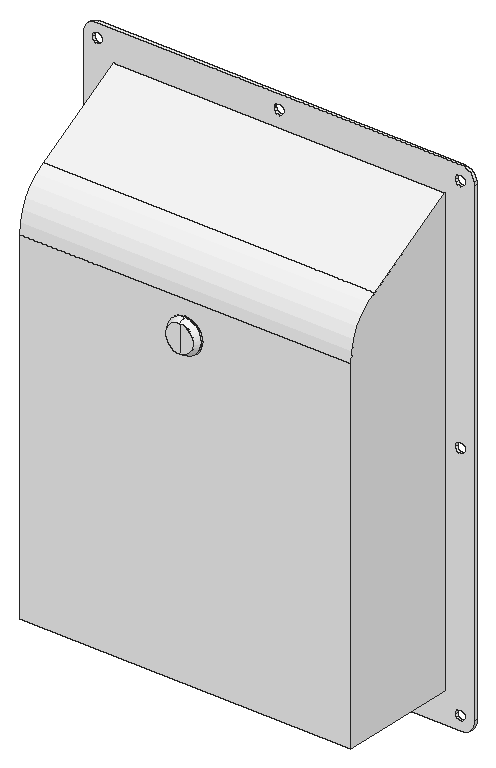
Revit family "KingswayGroup_PprTwlDspnsrs_Anti-LigaturePaperTowelDispenser", category Specialty Equipment, Revit 2020
Family settings
  Round Connector Dimension = Use Diameter
  Part Type = Normal
  Work Plane-Based = No
  Always vertical = Yes
  Cut with Voids When Loaded = No
  Shared = No
  Room Calculation Point = No
Parameters
  WarrantyStartDate [instance] = "1900-12-31T23:59:59"
  WarrantyGuarantorParts = "sales@kingswaygroup.co.uk"
  WarrantyGuarantorLabor = "n/a"
  WarrantyDurationUnit = "year"
  WarrantyDurationParts = "5"
  WarrantyDurationLabor = "n/a"
  WarrantyDescription = "5-Year Guarantee *For faulty manufacture and not for damage"
  Version = "1"
  Uniclass2015Version = "Products v1.36"
  Uniclass2015Title = "Paper towel dispensers"
  Uniclass2015Code = "Pr_40_70_22_62"
  URL = "https://kingswaygroupglobal.com/"
  TagNumber [instance] = "n/a"
  SustainabilityPerformance = "n/a"
  Size = "343 x 445 x 111 mm"
  Shape = "n/a"
  SerialNumber [instance] = "n/a"
  Revision = "n/a"
  ReplacementCost = "n/a"
  ProductInformation = "https://kingswaygroupglobal.com/product/anti-ligature-paper-towel-dispenser?noredirect=true"
  NominalWidth = 111 mm  # constant formula
  NominalLength = 343 mm  # constant formula
  NominalHeight = 445 mm  # constant formula
  Name = "PaperTowelDispensers_Anti-LigaturePaperTowelDispenser_KG02_KingswayGroup"
  ModelReference = "Anti-Ligature Paper Towel Dispenser"
  ModelNumber = "KG02"
  Model = ModelNumber  # "KG02"
  DispenserMaterial = NBS_Concept
  Material = "Stainless Steel"
  ManufacturerURL = "https://kingswaygroupglobal.com/"
  ManufacturerName = "Kingsway Group"  # constant formula
  Manufacturer = ManufacturerName  # "Kingsway Group"
  InstallationDate [instance] = "1900-12-31T23:59:59"
  IfcExportType = "n/a"  # constant formula
  IfcExportAs = "n/a"  # constant formula
  Grade = "316"
  Finish = "For full range of available finishes and colours, contact Kingsway Group"
  Features = "A highly durable, Anti-Ligature Paper Towel Dispenser designed to improve patient safety in mental health facilities and challenging environments. The KG02 Anti-Ligature Paper Towel Dispenser is built to provide a safe and effective means of dispensing paper towels in environments where safety is of the utmost importance."
  ExpectedLife = "n/a"
  DurationUnit = "year"
  Description = "Paper Towel Dispensers"
  Default Elevation = 0 mm
  Constituents = "n/a"
  Color = "For full range of available finishes and colours, contact Kingsway Group"
  CodePerformance = "n/a"
  Category = "Pr_40_70_22_62:Paper towel dispensers"
  BarCode [instance] = "n/a"
  BIMObjectName = "KingswayGroup_PaperTowelDispensers_Anti-LigaturePaperTowelDispenser"
  Author = "Kingsway Group"  # constant formula
  AssetType = "Fixed"
  AssetIdentifier [instance] = "n/a"
  AccessibilityPerformance = "n/a"
Reference planes
  plane 1 "Center (Front/Back)": y = 0
  plane 2: z = 0
  plane 3 "Center (Left/Right)": x = 0
Forms (mm)
  Extrusion 1, solid, material "NBS_Concept" <- "DispenserMaterial"
    sketch origin (0, 0, 0) x (1, 0, 0) y (0, 0, 1)
      loop
        arc (-171.5, 12.691) -> (-167.783, 3.717) -> (-158.809, 0) r 12.691
        line (-158.809, 0) -> (158.809, 0)
        arc (158.809, 0) -> (167.783, 3.717) -> (171.5, 12.691) r 12.691
        line (171.5, 12.691) -> (171.5, 432.306)
        arc (171.5, 432.306) -> (167.782, 441.282) -> (158.806, 445) r 12.694
        line (158.806, 445) -> (-158.806, 445)
        arc (-158.806, 445) -> (-167.782, 441.282) -> (-171.5, 432.306) r 12.694
        line (-171.5, 432.306) -> (-171.5, 12.691)
      loop
        circle (-159, 432.5) r 4.5
      loop
        circle (-159, 12.5) r 4.5
      loop
        circle (-159, 222.5) r 4.5
      loop
        circle (159, 432.5) r 4.5
      loop
        circle (159, 12.5) r 4.5
      loop
        circle (159, 222.5) r 4.5
      loop
        circle (-0.191, 12.5) r 4.5
      loop
        circle (0.194, 432.5) r 4.5
    from 0 to 2
  Extrusion 2, solid, material "NBS_Concept" <- "DispenserMaterial"
    sketch origin (-145, 0, 0) x (0, 1, 0) y (0, 0, 1)
      loop
        arc (-79.064, 373.49) -> (-98.05, 354.503) -> (-105, 328.567) r 51.873
        line (-105, 328.567) -> (-105, 26.982) -> (-2, 26.982) -> (-2, 417.982) -> (-79.064, 373.49)
    from 0 to 290
  Revolve 3, solid, material "NBS_Concept" <- "DispenserMaterial"
    sketch origin (0, 2.435, 251.25) x (0, 1, 0) y (0, 0, 1)
      loop
        line (-107.435, 64.103) -> (-108.329, 64.103) -> (-113.435, 61.035) -> (-113.435, 49.103) -> (-107.435, 49.103) -> (-107.435, 64.103)
      axis (-107.435, 49.103) -> (-113.435, 49.103)
    angle from 0 to 360
Lines and regions (mm)
  model lines, not visible
    curve 1: arc (16.215, -108.048, 265.753) -> (17.404, -108.048, 265.533) -> (18.352, -108.048, 266.283) r 1.463
    curve 2: arc (18.352, -108.048, 267.697) -> (17.346, -108.048, 268.4) -> (16.15, -108.048, 268.123) r 1.51
    curve 3: arc (16.15, -108.048, 268.123) -> (15.626, -108.048, 266.923) -> (16.215, -108.048, 265.753) r 1.54
    curve 4: arc (15.178, -108.048, 266.958) -> (15.376, -108.048, 266.079) -> (15.958, -108.048, 265.391) r 1.894
    curve 5: arc (17.05, -108.048, 265.046) -> (17.782, -108.048, 265.2) -> (18.368, -108.048, 265.664) r 1.629
    curve 6: arc (6.967, -108.048, 268.87) -> (6.12, -108.048, 268.597) -> (5.722, -108.048, 267.802) r 1.15
    curve 7: arc (7.023, -108.048, 265.046) -> (7.896, -108.048, 265.321) -> (8.293, -108.048, 266.146) r 1.152
    curve 8: arc (6.991, -108.048, 265.48) -> (7.544, -108.048, 265.629) -> (7.835, -108.048, 266.122) r 0.759
    curve 9: arc (10.197, -108.048, 260.701) -> (9.002, -108.048, 260.977) -> (7.995, -108.048, 260.275) r 1.511
    curve 10: arc (7.995, -108.048, 258.861) -> (8.944, -108.048, 258.112) -> (10.133, -108.048, 258.331) r 1.464
    curve 11: arc (10.133, -108.048, 258.331) -> (10.722, -108.048, 259.501) -> (10.197, -108.048, 260.701) r 1.54
    curve 12: arc (11.169, -108.048, 259.536) -> (10.994, -108.048, 260.363) -> (10.486, -108.048, 261.039) r 1.96
    curve 13: arc (10.39, -108.048, 257.969) -> (10.974, -108.048, 258.656) -> (11.169, -108.048, 259.536) r 1.873
    curve 14: arc (7.995, -108.048, 258.226) -> (8.575, -108.048, 257.772) -> (9.297, -108.048, 257.624) r 1.607
    curve 15: arc (3.36, -108.048, 259.488) -> (3.387, -108.048, 258.997) -> (3.568, -108.048, 258.54) r 1.527
    curve 16: arc (3.568, -108.048, 258.54) -> (3.969, -108.048, 258.182) -> (4.493, -108.048, 258.058) r 1.095
    curve 17: arc (4.493, -108.048, 258.058) -> (5.207, -108.048, 258.273) -> (5.714, -108.048, 258.821) r 1.419
    curve 18: arc (4.493, -108.048, 257.624) -> (5.176, -108.048, 257.774) -> (5.73, -108.048, 258.202) r 1.594
    curve 19: arc (3.119, -108.048, 258.379) -> (3.702, -108.048, 257.812) -> (4.493, -108.048, 257.624) r 1.533
    curve 20: arc (0.049, -108.048, 258.058) -> (1.499, -108.048, 259.536) -> (0.049, -108.048, 261.014) r 1.479
    curve 21: arc (0.049, -108.048, 261.014) -> (-1.4, -108.048, 259.536) -> (0.049, -108.048, 258.058) r 1.479
    curve 22: arc (0.049, -108.048, 261.449) -> (-1.855, -108.048, 259.536) -> (0.049, -108.048, 257.624) r 1.912
    curve 23: arc (0.049, -108.048, 257.624) -> (1.954, -108.048, 259.536) -> (0.049, -108.048, 261.449) r 1.912
    curve 24: arc (-2.594, -108.048, 261.449) -> (-3.241, -108.048, 261.309) -> (-3.751, -108.048, 260.886) r 1.392
    curve 25: arc (-2.602, -108.048, 261.014) -> (-3.299, -108.048, 260.782) -> (-3.751, -108.048, 260.203) r 1.269
    curve 26: arc (-4.948, -108.048, 270.469) -> (-5.352, -108.048, 270.064) -> (-4.948, -108.048, 269.658) r 0.406
    curve 27: arc (-4.948, -108.048, 269.658) -> (-4.539, -108.048, 270.064) -> (-4.948, -108.048, 270.469) r 0.406
    curve 28: arc (-1.622, -108.048, 268.437) -> (-2.36, -108.048, 268.227) -> (-2.892, -108.048, 267.673) r 1.465
    curve 29: arc (-0.666, -108.048, 267.946) -> (-1.082, -108.048, 268.311) -> (-1.622, -108.048, 268.437) r 1.142
    curve 30: arc (-0.457, -108.048, 267.046) -> (-0.485, -108.048, 267.514) -> (-0.666, -108.048, 267.946) r 1.41
    curve 31: arc (0.001, -108.048, 267.078) -> (-0.055, -108.048, 267.692) -> (-0.312, -108.048, 268.252) r 1.835
    curve 32: arc (-0.312, -108.048, 268.252) -> (-0.888, -108.048, 268.719) -> (-1.614, -108.048, 268.87) r 1.574
    curve 33: arc (0.965, -108.048, 266.958) -> (1.163, -108.048, 266.079) -> (1.745, -108.048, 265.391) r 1.894
    curve 34: arc (2.838, -108.048, 265.046) -> (3.558, -108.048, 265.196) -> (4.139, -108.048, 265.648) r 1.629
    curve 35: arc (2.813, -108.048, 263.551) -> (3.495, -108.048, 263.693) -> (3.995, -108.048, 264.178) r 1.246
    curve 36: arc (1.503, -108.048, 264.258) -> (2.064, -108.048, 263.73) -> (2.813, -108.048, 263.551) r 1.499
    curve 37: arc (1.142, -108.048, 263.993) -> (1.861, -108.048, 263.341) -> (2.805, -108.048, 263.117) r 1.95
    curve 38: arc (2.805, -108.048, 263.117) -> (3.723, -108.048, 263.308) -> (4.396, -108.048, 263.961) r 1.681
    curve 39: arc (-9.994, -108.048, 260.516) -> (-9.32, -108.048, 258.79) -> (-7.608, -108.048, 258.082) r 2.361
    curve 40: arc (-7.656, -108.048, 262.951) -> (-9.341, -108.048, 262.229) -> (-9.994, -108.048, 260.516) r 2.35
    curve 41: arc (-7.656, -108.048, 263.409) -> (-9.678, -108.048, 262.56) -> (-10.476, -108.048, 260.516) r 2.813
    curve 42: arc (-10.476, -108.048, 260.516) -> (-9.652, -108.048, 258.448) -> (-7.584, -108.048, 257.624) r 2.817
    curve 43: arc (-7.584, -108.048, 257.624) -> (-6.381, -108.048, 257.901) -> (-5.414, -108.048, 258.668) r 2.799
    curve 44: arc (2.002, -108.048, 265.753) -> (3.191, -108.048, 265.533) -> (4.139, -108.048, 266.283) r 1.464
    curve 45: arc (4.139, -108.048, 267.697) -> (3.133, -108.048, 268.402) -> (1.938, -108.048, 268.123) r 1.505
    curve 46: arc (1.938, -108.048, 268.123) -> (1.413, -108.048, 266.923) -> (2.002, -108.048, 265.753) r 1.54
    curve 47: line (-21.343, -108.048, 258.387) -> (-25.268, -108.048, 258.387)
    curve 48: line (-25.268, -108.048, 258.387) -> (-25.268, -108.048, 257.781)
    curve 49: line (-25.268, -108.048, 257.781) -> (-21.343, -108.048, 257.781)
    curve 50: line (-21.343, -108.048, 257.781) -> (-21.343, -108.048, 258.387)
    curve 51: line (-18.274, -108.048, 257.76) -> (-20.415, -108.048, 260.48)
    curve 52: line (-20.415, -108.048, 260.48) -> (-25.268, -108.048, 260.48)
    curve 53: line (-25.268, -108.048, 260.48) -> (-25.268, -108.048, 259.875)
    curve 54: line (-25.268, -108.048, 259.875) -> (-20.709, -108.048, 259.875)
    curve 55: line (-20.709, -108.048, 259.875) -> (-19.045, -108.048, 257.76)
    curve 56: line (-19.045, -108.048, 257.76) -> (-18.274, -108.048, 257.76)
    curve 57: line (-21.343, -108.048, 270.94) -> (-25.268, -108.048, 270.94)
    curve 58: line (-25.268, -108.048, 270.94) -> (-25.268, -108.048, 270.334)
    curve 59: line (-25.268, -108.048, 270.334) -> (-21.343, -108.048, 270.334)
    curve 60: line (-21.343, -108.048, 270.334) -> (-21.343, -108.048, 270.94)
    curve 61: line (-25.268, -108.048, 266.752) -> (-25.268, -108.048, 266.147)
    curve 62: line (-25.268, -108.048, 266.147) -> (-19.332, -108.048, 266.147)
    curve 63: line (-19.332, -108.048, 266.147) -> (-15.543, -108.048, 270.96)
    curve 64: line (-15.543, -108.048, 270.96) -> (-16.314, -108.048, 270.96)
    curve 65: line (-16.314, -108.048, 270.96) -> (-19.626, -108.048, 266.752)
    curve 66: line (-19.626, -108.048, 266.752) -> (-25.268, -108.048, 266.752)
    curve 67: line (-25.268, -108.048, 262.574) -> (-25.268, -108.048, 261.968)
    curve 68: line (-25.268, -108.048, 261.968) -> (-19.626, -108.048, 261.968)
    curve 69: line (-19.626, -108.048, 261.968) -> (-16.314, -108.048, 257.76)
    curve 70: line (-16.314, -108.048, 257.76) -> (-15.543, -108.048, 257.76)
    curve 71: line (-15.543, -108.048, 257.76) -> (-19.332, -108.048, 262.574)
    curve 72: line (-19.332, -108.048, 262.574) -> (-25.268, -108.048, 262.574)
    curve 73: line (-25.268, -108.048, 268.846) -> (-25.268, -108.048, 268.24)
    curve 74: line (-25.268, -108.048, 268.24) -> (-20.415, -108.048, 268.24)
    curve 75: line (-20.415, -108.048, 268.24) -> (-18.274, -108.048, 270.96)
    curve 76: line (-18.274, -108.048, 270.96) -> (-19.045, -108.048, 270.96)
    curve 77: line (-19.045, -108.048, 270.96) -> (-20.709, -108.048, 268.846)
    curve 78: line (-20.709, -108.048, 268.846) -> (-25.268, -108.048, 268.846)
    curve 79: line (18.352, -108.048, 266.283) -> (18.352, -108.048, 267.697)
    curve 80: line (18.368, -108.048, 265.664) -> (18.368, -108.048, 265.126)
    curve 81: line (18.368, -108.048, 265.126) -> (18.81, -108.048, 265.126)
    curve 82: line (18.81, -108.048, 265.126) -> (18.81, -108.048, 268.79)
    curve 83: line (18.81, -108.048, 268.79) -> (18.368, -108.048, 268.79)
    curve 84: line (18.368, -108.048, 268.79) -> (18.368, -108.048, 268.284)
    curve 85: line (18.368, -108.048, 268.284) -> (17.69, -108.048, 268.75)
    curve 86: line (17.69, -108.048, 268.75) -> (17.026, -108.048, 268.87)
    curve 87: line (17.026, -108.048, 268.87) -> (16.322, -108.048, 268.732)
    curve 88: line (16.322, -108.048, 268.732) -> (15.861, -108.048, 268.46)
    curve 89: line (15.861, -108.048, 268.46) -> (15.323, -108.048, 267.712)
    curve 90: line (15.323, -108.048, 267.712) -> (15.178, -108.048, 266.958)
    curve 91: line (15.958, -108.048, 265.391) -> (16.576, -108.048, 265.104)
    curve 92: line (16.576, -108.048, 265.104) -> (17.05, -108.048, 265.046)
    curve 93: line (10.566, -108.048, 265.126) -> (11.756, -108.048, 268.043)
    curve 94: line (11.756, -108.048, 268.043) -> (12.945, -108.048, 265.126)
    curve 95: line (12.945, -108.048, 265.126) -> (13.242, -108.048, 265.126)
    curve 96: line (13.242, -108.048, 265.126) -> (14.656, -108.048, 268.79)
    curve 97: line (14.656, -108.048, 268.79) -> (14.182, -108.048, 268.79)
    curve 98: line (14.182, -108.048, 268.79) -> (13.074, -108.048, 265.913)
    curve 99: line (13.074, -108.048, 265.913) -> (11.9, -108.048, 268.79)
    curve 100: line (11.9, -108.048, 268.79) -> (11.611, -108.048, 268.79)
    curve 101: line (11.611, -108.048, 268.79) -> (10.438, -108.048, 265.913)
    curve 102: line (10.438, -108.048, 265.913) -> (9.329, -108.048, 268.79)
    curve 103: line (9.329, -108.048, 268.79) -> (8.855, -108.048, 268.79)
    curve 104: line (8.855, -108.048, 268.79) -> (10.269, -108.048, 265.126)
    curve 105: line (10.269, -108.048, 265.126) -> (10.566, -108.048, 265.126)
    curve 106: line (5.722, -108.048, 267.802) -> (5.763, -108.048, 267.523)
    curve 107: line (5.763, -108.048, 267.523) -> (5.878, -108.048, 267.307)
    curve 108: line (5.878, -108.048, 267.307) -> (6.052, -108.048, 267.143)
    curve 109: line (6.052, -108.048, 267.143) -> (6.778, -108.048, 266.845)
    curve 110: line (6.778, -108.048, 266.845) -> (7.505, -108.048, 266.605)
    curve 111: line (7.505, -108.048, 266.605) -> (7.744, -108.048, 266.413)
    curve 112: line (7.811, -108.048, 266.282) -> (7.835, -108.048, 266.122)
    curve 113: line (8.293, -108.048, 266.146) -> (8.251, -108.048, 266.434)
    curve 114: line (8.251, -108.048, 266.434) -> (8.136, -108.048, 266.66)
    curve 115: line (8.136, -108.048, 266.66) -> (7.963, -108.048, 266.834)
    curve 116: line (7.963, -108.048, 266.834) -> (7.236, -108.048, 267.156)
    curve 117: line (7.236, -108.048, 267.156) -> (6.51, -108.048, 267.388)
    curve 118: line (6.51, -108.048, 267.388) -> (6.27, -108.048, 267.558)
    curve 119: line (6.179, -108.048, 267.81) -> (6.221, -108.048, 268.025)
    curve 120: line (6.221, -108.048, 268.025) -> (6.333, -108.048, 268.194)
    curve 121: line (6.333, -108.048, 268.194) -> (6.498, -108.048, 268.318)
    curve 122: line (6.498, -108.048, 268.318) -> (6.991, -108.048, 268.437)
    curve 123: line (6.991, -108.048, 268.437) -> (7.524, -108.048, 268.344)
    curve 124: line (7.524, -108.048, 268.344) -> (7.907, -108.048, 268.139)
    curve 125: line (7.907, -108.048, 268.139) -> (8.148, -108.048, 268.517)
    curve 126: line (8.148, -108.048, 268.517) -> (7.569, -108.048, 268.785)
    curve 127: line (7.569, -108.048, 268.785) -> (6.967, -108.048, 268.87)
    curve 128: line (6.991, -108.048, 265.48) -> (6.334, -108.048, 265.63)
    curve 129: line (6.334, -108.048, 265.63) -> (5.882, -108.048, 265.921)
    curve 130: line (5.882, -108.048, 265.921) -> (5.601, -108.048, 265.568)
    curve 131: line (5.601, -108.048, 265.568) -> (6.291, -108.048, 265.163)
    curve 132: line (6.291, -108.048, 265.163) -> (7.023, -108.048, 265.046)
    curve 133: line (-6.659, -108.048, 265.126) -> (-6.017, -108.048, 265.126)
    curve 134: line (-6.017, -108.048, 265.126) -> (-9.038, -108.048, 268.091)
    curve 135: line (-9.038, -108.048, 268.091) -> (-6.258, -108.048, 270.751)
    curve 136: line (-6.258, -108.048, 270.751) -> (-6.9, -108.048, 270.751)
    curve 137: line (-6.9, -108.048, 270.751) -> (-9.552, -108.048, 268.228)
    curve 138: line (-9.552, -108.048, 268.228) -> (-9.552, -108.048, 270.751)
    curve 139: line (-9.552, -108.048, 270.751) -> (-10.034, -108.048, 270.751)
    curve 140: line (-10.034, -108.048, 270.751) -> (-10.034, -108.048, 265.126)
    curve 141: line (-10.034, -108.048, 265.126) -> (-9.552, -108.048, 265.126)
    curve 142: line (-9.552, -108.048, 265.126) -> (-9.552, -108.048, 267.97)
    curve 143: line (-9.552, -108.048, 267.97) -> (-6.659, -108.048, 265.126)
    curve 144: line (7.995, -108.048, 260.275) -> (7.995, -108.048, 258.861)
    curve 145: line (9.297, -108.048, 257.624) -> (9.904, -108.048, 257.721)
    curve 146: line (9.904, -108.048, 257.721) -> (10.39, -108.048, 257.969)
    curve 147: line (10.486, -108.048, 261.039) -> (9.883, -108.048, 261.361)
    curve 148: line (9.883, -108.048, 261.361) -> (9.321, -108.048, 261.449)
    curve 149: line (9.321, -108.048, 261.449) -> (8.494, -108.048, 261.256)
    curve 150: line (8.494, -108.048, 261.256) -> (7.979, -108.048, 260.862)
    curve 151: line (7.979, -108.048, 260.862) -> (7.979, -108.048, 261.368)
    curve 152: line (7.979, -108.048, 261.368) -> (7.538, -108.048, 261.368)
    curve 153: line (7.538, -108.048, 261.368) -> (7.538, -108.048, 255.776)
    curve 154: line (7.538, -108.048, 255.776) -> (7.995, -108.048, 255.776)
    curve 155: line (7.995, -108.048, 255.776) -> (7.995, -108.048, 258.226)
    curve 156: line (-12.812, -108.048, 270.96) -> (-13.582, -108.048, 270.96)
    curve 157: line (-13.582, -108.048, 270.96) -> (-18.543, -108.048, 264.658)
    curve 158: line (-18.543, -108.048, 264.658) -> (-25.268, -108.048, 264.658)
    curve 159: line (-25.268, -108.048, 264.658) -> (-25.268, -108.048, 264.053)
    curve 160: line (-25.268, -108.048, 264.053) -> (-18.543, -108.048, 264.053)
    curve 161: line (-18.543, -108.048, 264.053) -> (-13.59, -108.048, 257.76)
    curve 162: line (-13.59, -108.048, 257.76) -> (-12.819, -108.048, 257.76)
    curve 163: line (-12.819, -108.048, 257.76) -> (-18.011, -108.048, 264.356)
    curve 164: line (-18.011, -108.048, 264.356) -> (-12.812, -108.048, 270.96)
    curve 165: line (3.36, -108.048, 259.488) -> (3.36, -108.048, 261.368)
    curve 166: line (3.36, -108.048, 261.368) -> (2.902, -108.048, 261.368)
    curve 167: line (2.902, -108.048, 261.368) -> (2.902, -108.048, 259.416)
    curve 168: line (2.902, -108.048, 259.416) -> (2.973, -108.048, 258.748)
    curve 169: line (2.973, -108.048, 258.748) -> (3.119, -108.048, 258.379)
    curve 170: line (5.73, -108.048, 258.202) -> (5.73, -108.048, 257.704)
    curve 171: line (5.73, -108.048, 257.704) -> (6.172, -108.048, 257.704)
    curve 172: line (6.172, -108.048, 257.704) -> (6.172, -108.048, 261.368)
    curve 173: line (6.172, -108.048, 261.368) -> (5.714, -108.048, 261.368)
    curve 174: line (5.714, -108.048, 261.368) -> (5.714, -108.048, 258.821)
    curve 175: line (-3.751, -108.048, 260.886) -> (-3.751, -108.048, 261.368)
    curve 176: line (-3.751, -108.048, 261.368) -> (-4.209, -108.048, 261.368)
    curve 177: line (-4.209, -108.048, 261.368) -> (-4.209, -108.048, 257.704)
    curve 178: line (-4.209, -108.048, 257.704) -> (-3.751, -108.048, 257.704)
    curve 179: line (-3.751, -108.048, 257.704) -> (-3.751, -108.048, 260.203)
    curve 180: line (-2.385, -108.048, 261.007) -> (-2.602, -108.048, 261.014)
    curve 181: line (-2.602, -108.048, 261.014) -> (-2.385, -108.048, 261.007)
    curve 182: line (-2.385, -108.048, 261.007) -> (-2.321, -108.048, 261.433)
    curve 183: line (20.264, -108.048, 263.198) -> (20.746, -108.048, 263.198)
    curve 184: line (20.746, -108.048, 263.198) -> (23.285, -108.048, 268.79)
    curve 185: line (23.285, -108.048, 268.79) -> (22.795, -108.048, 268.79)
    curve 186: line (22.795, -108.048, 268.79) -> (21.502, -108.048, 265.946)
    curve 187: line (21.502, -108.048, 265.946) -> (20.127, -108.048, 268.79)
    curve 188: line (20.127, -108.048, 268.79) -> (19.613, -108.048, 268.79)
    curve 189: line (19.613, -108.048, 268.79) -> (21.269, -108.048, 265.423)
    curve 190: line (21.269, -108.048, 265.423) -> (20.264, -108.048, 263.198)
    curve 191: line (-0.457, -108.048, 267.046) -> (-0.457, -108.048, 265.126)
    curve 192: line (-0.457, -108.048, 265.126) -> (0.001, -108.048, 265.126)
    curve 193: line (0.001, -108.048, 265.126) -> (0.001, -108.048, 267.078)
    curve 194: line (-1.614, -108.048, 268.87) -> (-2.421, -108.048, 268.683)
    curve 195: line (-2.421, -108.048, 268.683) -> (-2.908, -108.048, 268.276)
    curve 196: line (-2.908, -108.048, 268.276) -> (-2.908, -108.048, 268.79)
    curve 197: line (-2.908, -108.048, 268.79) -> (-3.35, -108.048, 268.79)
    curve 198: line (-3.35, -108.048, 268.79) -> (-3.35, -108.048, 265.126)
    curve 199: line (-3.35, -108.048, 265.126) -> (-2.892, -108.048, 265.126)
    curve 200: line (-2.892, -108.048, 265.126) -> (-2.892, -108.048, 267.673)
    curve 201: line (1.745, -108.048, 265.391) -> (2.364, -108.048, 265.104)
    curve 202: line (2.364, -108.048, 265.104) -> (2.838, -108.048, 265.046)
    curve 203: line (4.139, -108.048, 265.648) -> (4.139, -108.048, 265.126)
    curve 204: line (4.139, -108.048, 265.126) -> (4.1, -108.048, 264.511)
    curve 205: line (4.1, -108.048, 264.511) -> (3.995, -108.048, 264.178)
    curve 206: line (1.503, -108.048, 264.258) -> (1.142, -108.048, 263.993)
    curve 207: line (4.396, -108.048, 263.961) -> (4.564, -108.048, 264.528)
    curve 208: line (4.564, -108.048, 264.528) -> (4.597, -108.048, 265.142)
    curve 209: line (4.597, -108.048, 265.142) -> (4.597, -108.048, 268.79)
    curve 210: line (4.597, -108.048, 268.79) -> (4.155, -108.048, 268.79)
    curve 211: line (4.155, -108.048, 268.79) -> (4.155, -108.048, 268.284)
    curve 212: line (4.155, -108.048, 268.284) -> (3.476, -108.048, 268.75)
    curve 213: line (3.476, -108.048, 268.75) -> (2.813, -108.048, 268.87)
    curve 214: line (2.813, -108.048, 268.87) -> (2.109, -108.048, 268.732)
    curve 215: line (2.109, -108.048, 268.732) -> (1.648, -108.048, 268.46)
    curve 216: line (1.648, -108.048, 268.46) -> (1.11, -108.048, 267.712)
    curve 217: line (1.11, -108.048, 267.712) -> (0.965, -108.048, 266.958)
    curve 218: line (-5.414, -108.048, 258.668) -> (-5.414, -108.048, 261.039)
    curve 219: line (-5.414, -108.048, 261.039) -> (-7.744, -108.048, 261.039)
    curve 220: line (-7.744, -108.048, 261.039) -> (-7.744, -108.048, 260.581)
    curve 221: line (-7.744, -108.048, 260.581) -> (-5.896, -108.048, 260.581)
    curve 222: line (-5.896, -108.048, 260.581) -> (-5.896, -108.048, 258.789)
    curve 223: line (-5.896, -108.048, 258.789) -> (-6.756, -108.048, 258.233)
    curve 224: line (-6.756, -108.048, 258.233) -> (-7.608, -108.048, 258.082)
    curve 225: line (-7.656, -108.048, 262.951) -> (-6.582, -108.048, 262.7)
    curve 226: line (-6.582, -108.048, 262.7) -> (-5.944, -108.048, 262.22)
    curve 227: line (-5.944, -108.048, 262.22) -> (-5.615, -108.048, 262.549)
    curve 228: line (-5.615, -108.048, 262.549) -> (-6.645, -108.048, 263.231)
    curve 229: line (-6.645, -108.048, 263.231) -> (-7.656, -108.048, 263.409)
    curve 230: line (-4.715, -108.048, 265.126) -> (-4.715, -108.048, 268.79)
    curve 231: line (-4.715, -108.048, 268.79) -> (-5.173, -108.048, 268.79)
    curve 232: line (-5.173, -108.048, 268.79) -> (-5.173, -108.048, 265.126)
    curve 233: line (-5.173, -108.048, 265.126) -> (-4.715, -108.048, 265.126)
    curve 234: line (4.139, -108.048, 266.283) -> (4.139, -108.048, 267.697)
  model lines
    curve 235: arc (17.207, -105, 274.654) -> (18.396, -105, 274.434) -> (19.344, -105, 275.184) r 1.463
    curve 236: arc (19.344, -105, 276.598) -> (18.338, -105, 277.301) -> (17.142, -105, 277.024) r 1.51
    curve 237: arc (17.142, -105, 277.024) -> (16.618, -105, 275.824) -> (17.207, -105, 274.654) r 1.54
    curve 238: arc (16.17, -105, 275.859) -> (16.368, -105, 274.98) -> (16.95, -105, 274.292) r 1.894
    curve 239: arc (18.043, -105, 273.947) -> (18.774, -105, 274.101) -> (19.36, -105, 274.566) r 1.629
    curve 240: arc (7.959, -105, 277.772) -> (7.112, -105, 277.498) -> (6.714, -105, 276.703) r 1.15
    curve 241: arc (8.015, -105, 273.947) -> (8.888, -105, 274.222) -> (9.285, -105, 275.048) r 1.152
    curve 242: arc (7.983, -105, 274.381) -> (8.536, -105, 274.53) -> (8.827, -105, 275.024) r 0.759
    curve 243: arc (11.189, -105, 269.603) -> (9.994, -105, 269.879) -> (8.988, -105, 269.177) r 1.511
    curve 244: arc (8.988, -105, 267.763) -> (9.936, -105, 267.013) -> (11.125, -105, 267.232) r 1.464
    curve 245: arc (11.125, -105, 267.232) -> (11.714, -105, 268.402) -> (11.189, -105, 269.603) r 1.54
    curve 246: arc (12.161, -105, 268.437) -> (11.986, -105, 269.264) -> (11.478, -105, 269.94) r 1.96
    curve 247: arc (11.382, -105, 266.87) -> (11.966, -105, 267.557) -> (12.161, -105, 268.437) r 1.873
    curve 248: arc (8.988, -105, 267.128) -> (9.567, -105, 266.673) -> (10.289, -105, 266.525) r 1.607
    curve 249: arc (4.352, -105, 268.389) -> (4.379, -105, 267.898) -> (4.561, -105, 267.441) r 1.527
    curve 250: arc (4.561, -105, 267.441) -> (4.962, -105, 267.083) -> (5.485, -105, 266.959) r 1.095
    curve 251: arc (5.485, -105, 266.959) -> (6.199, -105, 267.174) -> (6.706, -105, 267.722) r 1.419
    curve 252: arc (5.485, -105, 266.525) -> (6.169, -105, 266.675) -> (6.722, -105, 267.103) r 1.594
    curve 253: arc (4.111, -105, 267.28) -> (4.694, -105, 266.714) -> (5.485, -105, 266.525) r 1.533
    curve 254: arc (1.041, -105, 266.959) -> (2.491, -105, 268.437) -> (1.041, -105, 269.916) r 1.479
    curve 255: arc (1.041, -105, 269.916) -> (-0.408, -105, 268.437) -> (1.041, -105, 266.959) r 1.479
    curve 256: arc (1.041, -105, 270.35) -> (-0.863, -105, 268.437) -> (1.041, -105, 266.525) r 1.912
    curve 257: arc (1.041, -105, 266.525) -> (2.946, -105, 268.437) -> (1.041, -105, 270.35) r 1.912
    curve 258: arc (-1.602, -105, 270.35) -> (-2.249, -105, 270.21) -> (-2.759, -105, 269.788) r 1.392
    curve 259: arc (-1.61, -105, 269.916) -> (-2.307, -105, 269.684) -> (-2.759, -105, 269.104) r 1.269
    curve 260: arc (-3.956, -105, 279.371) -> (-4.36, -105, 278.965) -> (-3.956, -105, 278.559) r 0.406
    curve 261: arc (-3.956, -105, 278.559) -> (-3.547, -105, 278.965) -> (-3.956, -105, 279.371) r 0.406
    curve 262: arc (-0.63, -105, 277.338) -> (-1.368, -105, 277.129) -> (-1.899, -105, 276.575) r 1.465
    curve 263: arc (0.327, -105, 276.848) -> (-0.09, -105, 277.212) -> (-0.63, -105, 277.338) r 1.142
    curve 264: arc (0.535, -105, 275.948) -> (0.507, -105, 276.415) -> (0.327, -105, 276.848) r 1.41
    curve 265: arc (0.993, -105, 275.98) -> (0.937, -105, 276.593) -> (0.68, -105, 277.153) r 1.835
    curve 266: arc (0.68, -105, 277.153) -> (0.104, -105, 277.62) -> (-0.622, -105, 277.772) r 1.574
    curve 267: arc (1.957, -105, 275.859) -> (2.155, -105, 274.98) -> (2.737, -105, 274.292) r 1.894
    curve 268: arc (3.83, -105, 273.947) -> (4.55, -105, 274.097) -> (5.131, -105, 274.55) r 1.629
    curve 269: arc (3.805, -105, 272.452) -> (4.487, -105, 272.594) -> (4.987, -105, 273.079) r 1.246
    curve 270: arc (2.496, -105, 273.159) -> (3.056, -105, 272.632) -> (3.805, -105, 272.452) r 1.499
    curve 271: arc (2.134, -105, 272.894) -> (2.853, -105, 272.243) -> (3.797, -105, 272.018) r 1.95
    curve 272: arc (3.797, -105, 272.018) -> (4.715, -105, 272.209) -> (5.388, -105, 272.862) r 1.681
    curve 273: arc (-9.002, -105, 269.418) -> (-8.328, -105, 267.691) -> (-6.616, -105, 266.983) r 2.361
    curve 274: arc (-6.664, -105, 271.852) -> (-8.349, -105, 271.131) -> (-9.002, -105, 269.418) r 2.35
    curve 275: arc (-6.664, -105, 272.311) -> (-8.686, -105, 271.461) -> (-9.484, -105, 269.418) r 2.813
    curve 276: arc (-9.484, -105, 269.418) -> (-8.66, -105, 267.349) -> (-6.591, -105, 266.525) r 2.817
    curve 277: arc (-6.591, -105, 266.525) -> (-5.389, -105, 266.802) -> (-4.422, -105, 267.57) r 2.799
    curve 278: arc (2.994, -105, 274.654) -> (4.183, -105, 274.434) -> (5.131, -105, 275.184) r 1.464
    curve 279: arc (5.131, -105, 276.599) -> (4.125, -105, 277.303) -> (2.93, -105, 277.024) r 1.505
    curve 280: arc (2.93, -105, 277.024) -> (2.405, -105, 275.824) -> (2.994, -105, 274.654) r 1.54
    curve 281: line (-20.351, -105, 267.288) -> (-24.276, -105, 267.288)
    curve 282: line (-24.276, -105, 267.288) -> (-24.276, -105, 266.682)
    curve 283: line (-24.276, -105, 266.682) -> (-20.351, -105, 266.682)
    curve 284: line (-20.351, -105, 266.682) -> (-20.351, -105, 267.288)
    curve 285: line (-17.282, -105, 266.661) -> (-19.423, -105, 269.382)
    curve 286: line (-19.423, -105, 269.382) -> (-24.276, -105, 269.382)
    curve 287: line (-24.276, -105, 269.382) -> (-24.276, -105, 268.776)
    curve 288: line (-24.276, -105, 268.776) -> (-19.717, -105, 268.776)
    curve 289: line (-19.717, -105, 268.776) -> (-18.053, -105, 266.661)
    curve 290: line (-18.053, -105, 266.661) -> (-17.282, -105, 266.661)
    curve 291: line (-20.351, -105, 279.841) -> (-24.276, -105, 279.841)
    curve 292: line (-24.276, -105, 279.841) -> (-24.276, -105, 279.235)
    curve 293: line (-24.276, -105, 279.235) -> (-20.351, -105, 279.235)
    curve 294: line (-20.351, -105, 279.235) -> (-20.351, -105, 279.841)
    curve 295: line (-24.276, -105, 275.653) -> (-24.276, -105, 275.048)
    curve 296: line (-24.276, -105, 275.048) -> (-18.34, -105, 275.048)
    curve 297: line (-18.34, -105, 275.048) -> (-14.551, -105, 279.862)
    curve 298: line (-14.551, -105, 279.862) -> (-15.321, -105, 279.862)
    curve 299: line (-15.321, -105, 279.862) -> (-18.634, -105, 275.653)
    curve 300: line (-18.634, -105, 275.653) -> (-24.276, -105, 275.653)
    curve 301: line (-24.276, -105, 271.475) -> (-24.276, -105, 270.87)
    curve 302: line (-24.276, -105, 270.87) -> (-18.634, -105, 270.87)
    curve 303: line (-18.634, -105, 270.87) -> (-15.321, -105, 266.662)
    curve 304: line (-15.321, -105, 266.662) -> (-14.551, -105, 266.662)
    curve 305: line (-14.551, -105, 266.662) -> (-18.34, -105, 271.475)
    curve 306: line (-18.34, -105, 271.475) -> (-24.276, -105, 271.475)
    curve 307: line (-24.276, -105, 277.747) -> (-24.276, -105, 277.142)
    curve 308: line (-24.276, -105, 277.142) -> (-19.423, -105, 277.142)
    curve 309: line (-19.423, -105, 277.142) -> (-17.282, -105, 279.862)
    curve 310: line (-17.282, -105, 279.862) -> (-18.053, -105, 279.862)
    curve 311: line (-18.053, -105, 279.862) -> (-19.717, -105, 277.747)
    curve 312: line (-19.717, -105, 277.747) -> (-24.276, -105, 277.747)
    curve 313: line (19.344, -105, 275.184) -> (19.344, -105, 276.598)
    curve 314: line (19.36, -105, 274.566) -> (19.36, -105, 274.027)
    curve 315: line (19.36, -105, 274.027) -> (19.802, -105, 274.027)
    curve 316: line (19.802, -105, 274.027) -> (19.802, -105, 277.691)
    curve 317: line (19.802, -105, 277.691) -> (19.36, -105, 277.691)
    curve 318: line (19.36, -105, 277.691) -> (19.36, -105, 277.185)
    curve 319: line (19.36, -105, 277.185) -> (18.682, -105, 277.651)
    curve 320: line (18.682, -105, 277.651) -> (18.018, -105, 277.772)
    curve 321: line (18.018, -105, 277.772) -> (17.314, -105, 277.633)
    curve 322: line (17.314, -105, 277.633) -> (16.853, -105, 277.362)
    curve 323: line (16.853, -105, 277.362) -> (16.315, -105, 276.614)
    curve 324: line (16.315, -105, 276.614) -> (16.17, -105, 275.859)
    curve 325: line (16.95, -105, 274.292) -> (17.568, -105, 274.005)
    curve 326: line (17.568, -105, 274.005) -> (18.043, -105, 273.947)
    curve 327: line (11.558, -105, 274.027) -> (12.748, -105, 276.944)
    curve 328: line (12.748, -105, 276.944) -> (13.937, -105, 274.027)
    curve 329: line (13.937, -105, 274.027) -> (14.234, -105, 274.027)
    curve 330: line (14.234, -105, 274.027) -> (15.648, -105, 277.691)
    curve 331: line (15.648, -105, 277.691) -> (15.174, -105, 277.691)
    curve 332: line (15.174, -105, 277.691) -> (14.066, -105, 274.815)
    curve 333: line (14.066, -105, 274.815) -> (12.892, -105, 277.691)
    curve 334: line (12.892, -105, 277.691) -> (12.603, -105, 277.691)
    curve 335: line (12.603, -105, 277.691) -> (11.43, -105, 274.815)
    curve 336: line (11.43, -105, 274.815) -> (10.321, -105, 277.691)
    curve 337: line (10.321, -105, 277.691) -> (9.847, -105, 277.691)
    curve 338: line (9.847, -105, 277.691) -> (11.261, -105, 274.027)
    curve 339: line (11.261, -105, 274.027) -> (11.558, -105, 274.027)
    curve 340: line (6.714, -105, 276.703) -> (6.755, -105, 276.425)
    curve 341: line (6.755, -105, 276.425) -> (6.87, -105, 276.209)
    curve 342: line (6.87, -105, 276.209) -> (7.044, -105, 276.044)
    curve 343: line (7.044, -105, 276.044) -> (7.77, -105, 275.746)
    curve 344: line (7.77, -105, 275.746) -> (8.497, -105, 275.506)
    curve 345: line (8.497, -105, 275.506) -> (8.736, -105, 275.314)
    curve 346: line (8.803, -105, 275.184) -> (8.827, -105, 275.024)
    curve 347: line (9.285, -105, 275.048) -> (9.243, -105, 275.335)
    curve 348: line (9.243, -105, 275.335) -> (9.128, -105, 275.561)
    curve 349: line (9.128, -105, 275.561) -> (8.955, -105, 275.736)
    curve 350: line (8.955, -105, 275.736) -> (8.228, -105, 276.057)
    curve 351: line (8.228, -105, 276.057) -> (7.502, -105, 276.289)
    curve 352: line (7.502, -105, 276.289) -> (7.262, -105, 276.459)
    curve 353: line (7.171, -105, 276.711) -> (7.213, -105, 276.926)
    curve 354: line (7.213, -105, 276.926) -> (7.325, -105, 277.095)
    curve 355: line (7.325, -105, 277.095) -> (7.49, -105, 277.219)
    curve 356: line (7.49, -105, 277.219) -> (7.983, -105, 277.338)
    curve 357: line (7.983, -105, 277.338) -> (8.516, -105, 277.246)
    curve 358: line (8.516, -105, 277.246) -> (8.899, -105, 277.04)
    curve 359: line (8.899, -105, 277.04) -> (9.14, -105, 277.418)
    curve 360: line (9.14, -105, 277.418) -> (8.561, -105, 277.687)
    curve 361: line (8.561, -105, 277.687) -> (7.959, -105, 277.772)
    curve 362: line (7.983, -105, 274.381) -> (7.326, -105, 274.532)
    curve 363: line (7.326, -105, 274.532) -> (6.874, -105, 274.823)
    curve 364: line (6.874, -105, 274.823) -> (6.593, -105, 274.469)
    curve 365: line (6.593, -105, 274.469) -> (7.283, -105, 274.065)
    curve 366: line (7.283, -105, 274.065) -> (8.015, -105, 273.947)
    curve 367: line (-5.667, -105, 274.027) -> (-5.025, -105, 274.027)
    curve 368: line (-5.025, -105, 274.027) -> (-8.046, -105, 276.992)
    curve 369: line (-8.046, -105, 276.992) -> (-5.266, -105, 279.652)
    curve 370: line (-5.266, -105, 279.652) -> (-5.908, -105, 279.652)
    curve 371: line (-5.908, -105, 279.652) -> (-8.56, -105, 277.129)
    curve 372: line (-8.56, -105, 277.129) -> (-8.56, -105, 279.652)
    curve 373: line (-8.56, -105, 279.652) -> (-9.042, -105, 279.652)
    curve 374: line (-9.042, -105, 279.652) -> (-9.042, -105, 274.027)
    curve 375: line (-9.042, -105, 274.027) -> (-8.56, -105, 274.027)
    curve 376: line (-8.56, -105, 274.027) -> (-8.56, -105, 276.872)
    curve 377: line (-8.56, -105, 276.872) -> (-5.667, -105, 274.027)
    curve 378: line (8.988, -105, 269.177) -> (8.988, -105, 267.763)
    curve 379: line (10.289, -105, 266.525) -> (10.896, -105, 266.622)
    curve 380: line (10.896, -105, 266.622) -> (11.382, -105, 266.87)
    curve 381: line (11.478, -105, 269.94) -> (10.875, -105, 270.263)
    curve 382: line (10.875, -105, 270.263) -> (10.313, -105, 270.35)
    curve 383: line (10.313, -105, 270.35) -> (9.486, -105, 270.157)
    curve 384: line (9.486, -105, 270.157) -> (8.972, -105, 269.763)
    curve 385: line (8.972, -105, 269.763) -> (8.972, -105, 270.27)
    curve 386: line (8.972, -105, 270.27) -> (8.53, -105, 270.27)
    curve 387: line (8.53, -105, 270.27) -> (8.53, -105, 264.677)
    curve 388: line (8.53, -105, 264.677) -> (8.988, -105, 264.677)
    curve 389: line (8.988, -105, 264.677) -> (8.988, -105, 267.128)
    curve 390: line (-11.82, -105, 279.862) -> (-12.59, -105, 279.862)
    curve 391: line (-12.59, -105, 279.862) -> (-17.551, -105, 273.56)
    curve 392: line (-17.551, -105, 273.56) -> (-24.276, -105, 273.56)
    curve 393: line (-24.276, -105, 273.56) -> (-24.276, -105, 272.954)
    curve 394: line (-24.276, -105, 272.954) -> (-17.551, -105, 272.954)
    curve 395: line (-17.551, -105, 272.954) -> (-12.598, -105, 266.661)
    curve 396: line (-12.598, -105, 266.661) -> (-11.827, -105, 266.661)
    curve 397: line (-11.827, -105, 266.661) -> (-17.019, -105, 273.257)
    curve 398: line (-17.019, -105, 273.257) -> (-11.82, -105, 279.862)
    curve 399: line (4.352, -105, 268.389) -> (4.352, -105, 270.27)
    curve 400: line (4.352, -105, 270.27) -> (3.894, -105, 270.27)
    curve 401: line (3.894, -105, 270.27) -> (3.894, -105, 268.317)
    curve 402: line (3.894, -105, 268.317) -> (3.965, -105, 267.649)
    curve 403: line (3.965, -105, 267.649) -> (4.111, -105, 267.28)
    curve 404: line (6.722, -105, 267.103) -> (6.722, -105, 266.605)
    curve 405: line (6.722, -105, 266.605) -> (7.164, -105, 266.605)
    curve 406: line (7.164, -105, 266.605) -> (7.164, -105, 270.27)
    curve 407: line (7.164, -105, 270.27) -> (6.706, -105, 270.27)
    curve 408: line (6.706, -105, 270.27) -> (6.706, -105, 267.722)
    curve 409: line (-2.759, -105, 269.788) -> (-2.759, -105, 270.27)
    curve 410: line (-2.759, -105, 270.27) -> (-3.217, -105, 270.27)
    curve 411: line (-3.217, -105, 270.27) -> (-3.217, -105, 266.605)
    curve 412: line (-3.217, -105, 266.605) -> (-2.759, -105, 266.605)
    curve 413: line (-2.759, -105, 266.605) -> (-2.759, -105, 269.104)
    curve 414: line (-1.393, -105, 269.908) -> (-1.61, -105, 269.916)
    curve 415: line (-1.61, -105, 269.916) -> (-1.393, -105, 269.908)
    curve 416: line (-1.393, -105, 269.908) -> (-1.329, -105, 270.334)
    curve 417: line (21.256, -105, 272.099) -> (21.738, -105, 272.099)
    curve 418: line (21.738, -105, 272.099) -> (24.277, -105, 277.691)
    curve 419: line (24.277, -105, 277.691) -> (23.787, -105, 277.691)
    curve 420: line (23.787, -105, 277.691) -> (22.494, -105, 274.847)
    curve 421: line (22.494, -105, 274.847) -> (21.119, -105, 277.691)
    curve 422: line (21.119, -105, 277.691) -> (20.605, -105, 277.691)
    curve 423: line (20.605, -105, 277.691) -> (22.261, -105, 274.325)
    curve 424: line (22.261, -105, 274.325) -> (21.256, -105, 272.099)
    curve 425: line (0.535, -105, 275.948) -> (0.535, -105, 274.027)
    curve 426: line (0.535, -105, 274.027) -> (0.993, -105, 274.027)
    curve 427: line (0.993, -105, 274.027) -> (0.993, -105, 275.98)
    curve 428: line (-0.622, -105, 277.772) -> (-1.429, -105, 277.584)
    curve 429: line (-1.429, -105, 277.584) -> (-1.915, -105, 277.177)
    curve 430: line (-1.915, -105, 277.177) -> (-1.915, -105, 277.691)
    curve 431: line (-1.915, -105, 277.691) -> (-2.358, -105, 277.691)
    curve 432: line (-2.358, -105, 277.691) -> (-2.358, -105, 274.027)
    curve 433: line (-2.358, -105, 274.027) -> (-1.899, -105, 274.027)
    curve 434: line (-1.899, -105, 274.027) -> (-1.899, -105, 276.575)
    curve 435: line (2.737, -105, 274.292) -> (3.356, -105, 274.005)
    curve 436: line (3.356, -105, 274.005) -> (3.83, -105, 273.947)
    curve 437: line (5.131, -105, 274.55) -> (5.131, -105, 274.027)
    curve 438: line (5.131, -105, 274.027) -> (5.092, -105, 273.412)
    curve 439: line (5.092, -105, 273.412) -> (4.987, -105, 273.079)
    curve 440: line (2.496, -105, 273.159) -> (2.134, -105, 272.894)
    curve 441: line (5.388, -105, 272.862) -> (5.556, -105, 273.43)
    curve 442: line (5.556, -105, 273.43) -> (5.589, -105, 274.043)
    curve 443: line (5.589, -105, 274.043) -> (5.589, -105, 277.691)
    curve 444: line (5.589, -105, 277.691) -> (5.147, -105, 277.691)
    curve 445: line (5.147, -105, 277.691) -> (5.147, -105, 277.185)
    curve 446: line (5.147, -105, 277.185) -> (4.468, -105, 277.651)
    curve 447: line (4.468, -105, 277.651) -> (3.805, -105, 277.772)
    curve 448: line (3.805, -105, 277.772) -> (3.101, -105, 277.633)
    curve 449: line (3.101, -105, 277.633) -> (2.64, -105, 277.362)
    curve 450: line (2.64, -105, 277.362) -> (2.102, -105, 276.614)
    curve 451: line (2.102, -105, 276.614) -> (1.957, -105, 275.859)
    curve 452: line (-4.422, -105, 267.57) -> (-4.422, -105, 269.94)
    curve 453: line (-4.422, -105, 269.94) -> (-6.752, -105, 269.94)
    curve 454: line (-6.752, -105, 269.94) -> (-6.752, -105, 269.482)
    curve 455: line (-6.752, -105, 269.482) -> (-4.904, -105, 269.482)
    curve 456: line (-4.904, -105, 269.482) -> (-4.904, -105, 267.69)
    curve 457: line (-4.904, -105, 267.69) -> (-5.763, -105, 267.135)
    curve 458: line (-5.763, -105, 267.135) -> (-6.616, -105, 266.983)
    curve 459: line (-6.664, -105, 271.852) -> (-5.59, -105, 271.601)
    curve 460: line (-5.59, -105, 271.601) -> (-4.952, -105, 271.121)
    curve 461: line (-4.952, -105, 271.121) -> (-4.623, -105, 271.451)
    curve 462: line (-4.623, -105, 271.451) -> (-5.653, -105, 272.133)
    curve 463: line (-5.653, -105, 272.133) -> (-6.664, -105, 272.311)
    curve 464: line (-3.723, -105, 274.027) -> (-3.723, -105, 277.691)
    curve 465: line (-3.723, -105, 277.691) -> (-4.181, -105, 277.691)
    curve 466: line (-4.181, -105, 277.691) -> (-4.181, -105, 274.027)
    curve 467: line (-4.181, -105, 274.027) -> (-3.723, -105, 274.027)
    curve 468: line (5.131, -105, 275.184) -> (5.131, -105, 276.599)
Dimensions and locks
  Extrusion 1 to level = 445 mm
  Extrusion 1 to Extrusion 2 = 105 mm  (x2)
  Extrusion 1 to Extrusion 1 = 343 mm
  Extrusion 1 to Extrusion 1 to Extrusion 1 = 210 mm, 210 mm
  Extrusion 2 to Extrusion 2 = 290 mm  (x2)
  Extrusion 1 to Extrusion 1 = 445 mm
  Extrusion 2 to Revolve 3 = 6 mm
  Revolve 3 sketch curve to Revolve 3 sketch curve = 6 mm
  aligned and locked: level to plane 2
